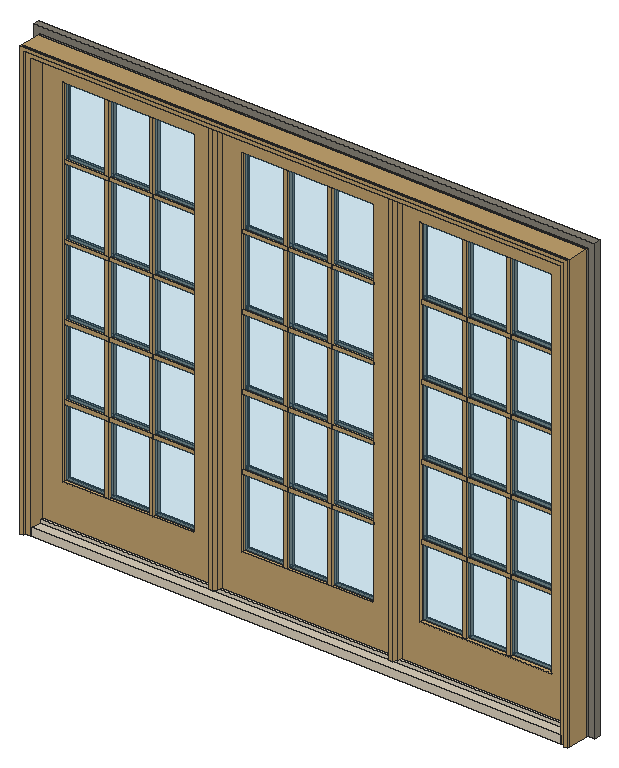
Revit family (continued)
Definition of nested family "Door_Plan_Detail"
  Parameters (values of type "Door_Plan_Detail")
    P2_RH Astragal = or(and(XXO_OXX, Swing LH_RH), and(XOO_OOX, P2_RH Swing = 0.00°))  # no
    P2_RH = not(and(OXO, Swing LH_RH))  # no
    P2_LH Swing = if(and(OXO, Swing LH_RH), Swing Angle, 0.00°)  # 90.00°
    P2_LH Astragal = no
    P2_LH = and(OXO, Swing LH_RH)  # yes
    P1_RH Swing = if(and(XOO_OOX, Swing Reverse LH_RH), Swing Angle, 0.00°)  # 0.00°
    P1_RH Astragal = yes
    P1_RH = and(Swing Reverse LH_RH, XOO_OOX)  # no
    P1_LH Swing = if(or(XXO_OXX, (and(XOO_OOX, Swing LH_RH))), Swing Angle, 0.00°)  # 0.00°
    P1_LH Astragal = or(OOO, or(and(XXO_OXX, Swing Reverse LH_RH), OXO))  # yes
    P1_LH = not(and(XOO_OOX, Swing Reverse LH_RH))  # yes
    OXO = yes
    OOO = no
    Flat Casing = no
    Flange Visibility = not(Casing Visibility)  # no
    Casing Visibility = yes
    BMC = yes
    Assembly Code = ""
  Reference planes (in)
    plane 1 "Center (Front/Back)": y = 0
    plane 2: z = 0
    plane 3: x = -17
    plane 4: y = 0.09375
    plane 5: x = -18.1875
    plane 6: x = -70.90625
    plane 7 "Left": x = -124.8125
    plane 8: x = -123.625
    plane 9: x = -88.5625
    plane 10: x = -53.25
    plane 11: x = -88.4375
    plane 12: x = -53.375
  Lines and regions (in)
    Masking region 1, in view "Ref. Level", detail levels coarse+medium
      outline origin (0, 0, 0) x (1, 0, 0) y (0, 1, 0)
        loop
          line (-17, 1.09375) -> (-18.0625, 1.09375) -> (-18.0625, -4.5625) -> (-17, -4.5625) -> (-17, 1.09375)
    Masking region 2, in view "Ref. Level", detail levels coarse+medium
      outline origin (-108.375, 0, 0) x (0, 1, 0) y (-1, 0, 0)
        loop
          line (1.09375, 16.4375) -> (-4.5625, 16.4375) -> (-4.5625, 15.375) -> (1.09375, 15.375) -> (1.09375, 16.4375)
  Dimensions and locks (in)
    locked: plane 1 "Center (Front/Back)" to plane 4 at 0.09375
    locked: plane 5 to plane 3 at 1.1875
    locked: Masking region 1 sketch curve to plane 1 "Center (Front/Back)" at 4.5625
    locked: Masking region 1 sketch curve to plane 3 at 1.0625
    locked: plane 8 to plane 7 "Left" at 1.1875
    locked: plane 1 "Center (Front/Back)" to Masking region 1 sketch curve at 1.09375
    Masking region 2 sketch curve to plane 1 "Center (Front/Back)" to Masking region 2 sketch curve = 0' - 4 9/16" locked, 0' - 1 3/32" locked
    locked: plane 7 "Left" to Masking region 2 sketch curve at 1.0625
    equal spacing: plane 7 "Left", plane 6, plane 3
    "Width": plane 7 "Left" to plane 3
    "Panel Width": plane 8 to plane 9
    "Panel Width": plane 10 to plane 5
    locked: plane 9 to plane 11 at 0.125
    locked: plane 12 to plane 10 at 0.125
    aligned and locked: nested 1 to plane 1 "Center (Front/Back)"
    aligned and locked: plane 3 to nested 1
    aligned and locked: nested 2 to plane 3
    aligned and locked: nested 3 to plane 3
    aligned and locked: plane 1 "Center (Front/Back)" to nested 2
    aligned and locked: plane 1 "Center (Front/Back)" to nested 3
    aligned and locked: nested 4 to plane 7 "Left"
    aligned and locked: plane 1 "Center (Front/Back)" to nested 4
    aligned and locked: plane 7 "Left" to nested 6
    aligned and locked: plane 7 "Left" to nested 5
    aligned and locked: nested 6 to plane 1 "Center (Front/Back)"
    aligned and locked: nested 5 to plane 1 "Center (Front/Back)"
    aligned and locked: Masking region 2 sketch curve to plane 7 "Left"
    aligned and locked: plane 4 to nested 7
    aligned and locked: nested 8 to plane 4
    aligned and locked: plane 5 to nested 9
    aligned and locked: nested 9 to plane 4
    aligned and locked: nested 8 to plane 8
    aligned and locked: plane 5 to nested 7
    aligned and locked: nested 10 to plane 12
    aligned and locked: plane 4 to nested 10
    aligned and locked: nested 11 to plane 11
    aligned and locked: nested 11 to plane 4
  Automatic sketch dimensions
    Masking region 1 sketch curve to plane 3 = 0' - 0"
  Nested families (in)
    nested 1: "Jamb_Detail" at (-17, 0, 0) x (-1, 0, 0) z (0, 0, 1), type "Jamb_Detail", in view "Ref. Level", detail levels fine
    nested 2: "BMC_Detail" at (-17, 0, 0) x (0, -1, 0) z (0, 0, 1), visible <- "BMC", type "BMC_Detail", in view "Ref. Level", detail levels fine
    nested 3: "Flat_Casing_Detail" at (-17, 0, 0) x (0, -1, 0) z (0, 0, 1), visible <- "Flat Casing", type "Flat_Casing_Detail", in view "Ref. Level", detail levels fine
    nested 4: "Jamb_Detail" at (-124.8125, 0, 0), type "Jamb_Detail", in view "Ref. Level", detail levels fine
    nested 5: "BMC_Detail" at (-124.8125, 0, 0) x (0, -1, 0) z (0, 0, 1), visible <- "BMC", type "BMC_Detail", in view "Ref. Level", detail levels fine
    nested 6: "Flat_Casing_Detail" at (-124.8125, 0, 0) x (0, -1, 0) z (0, 0, 1), visible <- "Flat Casing", type "Flat_Casing_Detail", in view "Ref. Level", detail levels fine
    nested 7: "Panel_Swing_Detail" at (0.9375, 0, 0), visible <- "P1_LH", Swing Angle <- "P1_LH Swing", Mtg Stile <- "P1_LH Astragal", type "Door_Plan_Detail", in view "Ref. Level"
      with Swing Visibility no, Swing Constraint 1.00°, Swing Angle 0.00°, Mtg Stile yes
    nested 8: "Panel_Swing_Detail" at (-142.75, 0, 0) x (-1, 0, 0) z (0, 0, 1), type "Door_Plan_Detail", in view "Ref. Level"
      with Swing Visibility no, Swing Constraint 1.00°, Swing Angle 0.00°, Mtg Stile yes
    nested 9: "Panel_Swing_Detail" at (-72.375, 0, 0) x (-1, 0, 0) z (0, 0, 1), visible <- "P1_RH", Swing Angle <- "P1_RH Swing", type "Door_Plan_Detail", in view "Ref. Level"
      with Swing Visibility no, Swing Constraint 1.00°, Swing Angle 0.00°, Mtg Stile no
    nested 10: "Panel_Swing_Detail" at (-34.25, 0, 0), Swing Angle <- "P2_LH Swing", visible <- "P2_LH", Mtg Stile <- "P2_LH Astragal", type "Door_Plan_Detail", in view "Ref. Level"
      with Swing Visibility yes, Swing Constraint 90.00°, Swing Angle 90.00°, Mtg Stile no
    nested 11: "Panel_Swing_Detail" at (-107.5625, 0, 0) x (-1, 0, 0) z (0, 0, 1), Swing Angle <- "P2_RH Swing", visible <- "P2_RH", Mtg Stile <- "P2_RH Astragal", type "Door_Plan_Detail", in view "Ref. Level"
      with Swing Visibility no, Swing Constraint 1.00°, Swing Angle 0.00°, Mtg Stile no
  Definition of nested family "Jamb_Detail"
    Parameters (values of type "Jamb_Detail")
      Flange = no
      Assembly Code = ""
    Reference planes (in)
      plane 1 "Center (Front/Back)": y = 0
      plane 2: z = 0
      plane 3 "Center (Left/Right)": x = 0
    Lines and regions (in)
      Masking region 1, in view "Ref. Level"
        outline origin (0, 0, 0) x (1, 0, 0) y (0, 1, 0)
          loop
            line (0, 1.09375) -> (0, -4.5625) -> (1.75053, -4.5625) -> (1.75053, -1.76821) -> (1.06374, -1.76821) -> (1.06374, -0.18631) -> (0.93767, -0.18631) -> (0.93767, 0.3871) -> (0.67848, 0.3871) -> (0.67848, 1.09375) -> (0, 1.09375)
      detail lines, style "Cut Lines", in view "Ref. Level", visible <- "Flange"
        curve 1: line (0, 0.045, 0) -> (-1.49897, 0.045, 0)
        curve 2: line (-0.155, 0, 0) -> (-1.49897, 0, 0)
        curve 3: line (-0.155, 0, 0) -> (-0.155, -0.11, 0)
        curve 4: line (0, -0.11, 0) -> (-0.155, -0.11, 0)
        curve 5: line (-1.49897, 0, 0) -> (-1.49897, 0.045, 0)
  Definition of nested family "BMC_Detail"
    Parameters (values of type "BMC_Detail")
      Assembly Code = ""
    Reference planes (in)
      plane 1 "Center (Front/Back)": y = 0
      plane 2: z = 0
      plane 3 "Center (Left/Right)": x = 0
    Lines and regions (in)
      detail lines, style "Cut Lines", in view "Ref. Level"
        curve 1: line (-1.25, 0.71589, 0) -> (-1.25, 1.3125, 0)
        curve 2: line (-1.25, 1.3125, 0) -> (0, 1.3125, 0)
        curve 3: line (0, 0, 0) -> (-1.09375, 0, 0)
        curve 4: line (-1.09375, 0, 0) -> (-1.09375, 0.38081, 0)
        curve 5: line (-1.09375, 0.38081, 0) -> (-1.25, 0.71589, 0)
        curve 6: line (0, 0, 0) -> (0, 1.3125, 0)
  Definition of nested family "Flat_Casing_Detail"
    Parameters (values of type "Flat_Casing_Detail")
      Assembly Code = ""
    Reference planes (in)
      plane 1 "Center (Front/Back)": y = 0
      plane 2: z = 0
      plane 3 "Center (Left/Right)": x = 0
    Lines and regions (in)
      detail lines, style "Cut Lines", in view "Ref. Level"
        curve 1: line (-1.09375, 3, 0) -> (0, 3, 0)
        curve 2: line (0, 0, 0) -> (-1.09375, 0, 0)
        curve 3: line (-1.09375, 0, 0) -> (-1.09375, 3, 0)
        curve 4: line (0, 0, 0) -> (0, 3, 0)
  Definition of nested family "Panel_Swing_Detail"
    Parameters (values of type "Door_Plan_Detail")
      Swing Visibility [instance] = not(Swing Angle = 0.00°)  # yes
      Swing Constraint [instance] = if(Swing Angle = 0.00°, 1.00°, Swing Angle)  # 90.00°
      Swing Angle [instance] = 90.00°
      Panel Width = 2' - 11 1/16"
      Mtg Stile [instance] = yes
      Assembly Code = ""
    Reference planes (in)
      plane 1: z = 0
      plane 2: y = 0.09375
      plane 3: x = -19.125
      plane 4: x = -54.1875
    Lines and regions (in)
      reference lines, in view "Ref. Level"
        curve 1: line (-19.125, 0.09375, 0) -> (-19.125, 35.15625, 0)
      detail lines, in view "Ref. Level", visible <- "Swing Visibility"
        curve 2: arc (-19.125, 35.15625, 0) -> (-43.91793, 24.88668, 0) -> (-54.1875, 0.09375, 0) r 35.0625
      detail lines, style "InvisibleLines", in view "Ref. Level", not visible, detail levels coarse
        curve 3: line (-19.125, 0.09375, 0) -> (-19.125, 35.15625, 0)
    Dimensions and locks (in)
      "Panel Width": curve 1 to curve 1
      "Panel Width": plane 4 to plane 3
      "Panel Width": curve 1 to curve 3
      "Swing Angle": angle nested 1 to plane 2
      "Swing Constraint": angle curve 1 to plane 2
      aligned and locked: plane 2 to curve 1
      aligned and locked: plane 3 to curve 1
      aligned and locked: plane 3 to curve 2
      aligned and locked: plane 2 to curve 2
      aligned and locked: curve 3 to curve 1
    Automatic sketch dimensions
      curve 3 to plane 2 = 0' - 0"
    Nested families (in)
      nested 1: "Panel_Detail" at (-19.125, 0.09375, 0) x (0, -1, 0) z (0, 0, 1), Mtg Stile <- "Mtg Stile", type "Panel_Detail", in view "Ref. Level"
    Definition of nested family "Panel_Detail"
      Parameters (values of type "Panel_Detail")
        Panel Width = 2' - 11 1/16"
        Mtg Stile [instance] = yes
        Assembly Code = ""
      Reference planes (in)
        plane 1 "Center (Front/Back)": y = 0
        plane 2: z = 0
        plane 3 "Right": x = 0
        plane 4 "Left": x = -35.0625
      Lines and regions (in)
        Masking region 1, in view "Ref. Level", detail levels coarse+medium
          outline origin (0, 0, 0) x (1, 0, 0) y (0, 1, 0)
            loop
              line (-35.0625, 0) -> (-35.0625, -1.75) -> (0, -1.75) -> (0, 0) -> (-35.0625, 0)
        detail lines, style "Cut Lines", in view "Ref. Level", detail levels fine
          curve 1: line (-30.97475, -0.48141, 0) -> (-4.08775, -0.48141, 0)
          curve 2: line (-30.97475, -0.60641, 0) -> (-4.08775, -0.60641, 0)
          curve 3: line (-30.97475, -1.10641, 0) -> (-4.08775, -1.10641, 0)
          curve 4: line (-30.97475, -1.23141, 0) -> (-4.08775, -1.23141, 0)
      Dimensions and locks (in)
        "Panel Width": plane 4 "Left" to plane 3 "Right"
        locked: Masking region 1 sketch curve to plane 1 "Center (Front/Back)" at 1.75
        locked: nested 3 to plane 1 "Center (Front/Back)" at 1.75
        aligned and locked: nested 2 to plane 1 "Center (Front/Back)"
        aligned and locked: plane 1 "Center (Front/Back)" to nested 1
        aligned and locked: nested 2 to plane 4 "Left"
        aligned and locked: plane 3 "Right" to nested 1
        aligned and locked: curve 3 to nested 2
        aligned and locked: curve 1 to nested 1
        aligned and locked: curve 2 to curve 1  (x2)
        aligned and locked: curve 2 to nested 2
        aligned and locked: curve 3 to curve 1  (x2)
        aligned and locked: curve 4 to curve 1  (x2)
        aligned and locked: plane 1 "Center (Front/Back)" to Masking region 1 sketch curve
        aligned and locked: Masking region 1 sketch curve to plane 4 "Left"
        aligned and locked: Masking region 1 sketch curve to plane 3 "Right"
        aligned and locked: plane 4 "Left" to nested 3
      Automatic sketch dimensions
        curve 2 to curve 1 = 0' - 0"
        curve 3 to curve 2 = 0' - 0 1/2"
        curve 4 to curve 3 = 0' - 0 1/8"
        curve 2 to curve 1 = 0' - 0 1/8"
      Nested families (in)
        nested 1: "Stile_Detail" at (0, 0, 0), type "Stile_Detail", in view "Ref. Level", detail levels fine
        nested 2: "Stile_Detail" at (-35.0625, 0, 0) x (-1, 0, 0) z (0, 0, 1), type "Stile_Detail", in view "Ref. Level", detail levels fine
        nested 3: "Mtg_Stile_Detail" at (-35.0625, -1.75, 0), visible <- "Mtg Stile", type "Stile_Detail", in view "Ref. Level", detail levels fine
      Definition of nested family "Stile_Detail"
        Parameters (values of type "Stile_Detail")
          Assembly Code = ""
        Reference planes (in)
          plane 1 "Center (Front/Back)": y = 0
          plane 2: z = 0
          plane 3 "Center (Left/Right)": x = 0
        Lines and regions (in)
          Masking region 1, in view "Ref. Level"
            outline origin (0, 0, 0) x (1, 0, 0) y (0, 1, 0)
              loop
                line (0, -1.75) -> (0, 0) -> (-4.54196, 0) -> (-4.54196, -0.17227) -> (-4.75, -0.38031) -> (-4.75, -0.4375) -> (-4.02516, -0.4375) -> (-4.02516, -1.26261) -> (-4.75, -1.26261) -> (-4.75, -1.40858) -> (-4.55291, -1.75) -> (0, -1.75)
          detail lines, style "Cut Lines", in view "Ref. Level"
            curve 1: line (-4.08775, -0.48141, 0) -> (-4.08775, -0.60641, 0)
            curve 2: line (-4.21275, -1.10641, 0) -> (-4.21275, -0.60641, 0)
            curve 3: line (-4.46275, -1.10641, 0) -> (-4.46275, -0.60641, 0)
            curve 4: line (-4.08775, -1.10641, 0) -> (-4.08775, -1.23141, 0)
      Definition of nested family "Mtg_Stile_Detail"
        Parameters (values of type "Stile_Detail")
          Assembly Code = ""
        Reference planes (in)
          plane 1 "Center (Front/Back)": y = 0
          plane 2: z = 0
          plane 3 "Center (Left/Right)": x = 0
        Lines and regions (in)
          Masking region 1, in view "Ref. Level"
            outline origin (0, 0, 0) x (0, 1, 0) y (-1, 0, 0)
              loop
                line (0, 0.71385) -> (0, -1.07915) -> (0.9773, -0.97643) -> (1.15549, -0.73983) -> (1.594, -0.62233) -> (1.594, 0.25704) -> (1.13979, 0.37874) -> (0.9637, 0.61256) -> (0, 0.71385)
Definition of nested family "Label Annotation 1-16 w5"
  Parameters
    Label = ""
    Egress Info = "EGRESS WDW"
    Description = "3664 FIXED"
  Reference planes (in)
    plane 1: y = 0
    plane 2: x = 0
  Text (in)
    label "Description" at (0.00375, -0.00345, 0), shows "Description"
